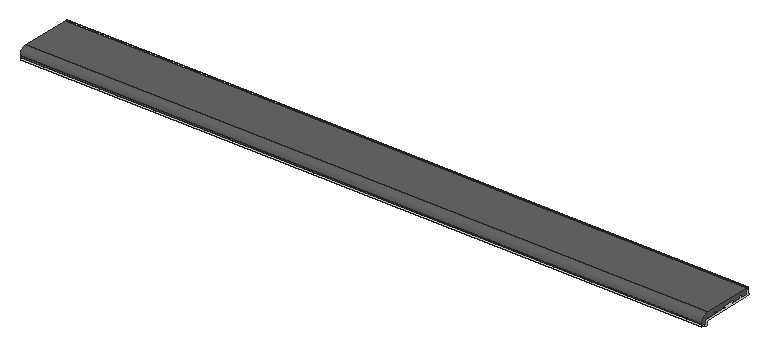
Revit family "Stair_Tread-Wooster-Spectra_Safety_Treads-WP3T", category Specialty Equipment, host Face, Revit 2017
Family settings
  Host = Face
  Round Connector Dimension = Use Diameter
  Part Type = Normal
  OmniClass Number = 23.30.70.21.11.11.11
  OmniClass Title = Stair Nosings
  Cut with Voids When Loaded = No
  Shared = No
  Room Calculation Point = No
Parameters (values of type "WP3T")
  Width [instance] = 0' - 3 1/16"  # constant formula
  Version = "2017 - v2.0a"  # constant formula
  URL = "http://www.wooster-products.com/"
  Support Phone = "(224) 699-9545"  # constant formula
  Support Email = "mailto:support@anguleris.com"
  Safety Tread [instance] = Filler - Wooster - Black - Abrasive Filler
  Product Page URL = "http://www.woosterproducts.com/products/extruded-aluminum/spectra/"
  Product Name = "Spectra Nosings"  # constant formula
  Product Documentation Link = "http://www.woosterproducts.com/spec/WP3T.pdf"
  Model = "WP3T"
  Material = ""
  Manufacturer Phone Number = "1-800-321-4936 or 330-264-2844"  # constant formula
  Manufacturer Fax Number = "330-262-4151"  # constant formula
  Manufacturer Email = "mailto:tim@wooster-products.com"
  Manufacturer Address = "1000 Spruce Street, P.O. BOX 6005, Wooster, OH. 44691"  # constant formula
  Manufacturer = "Wooster Productions Inc"  # constant formula
  Length Constraint [instance] = if(Length > 10' 0", 10' 0", Length)  # 3' - 0"
  Length [instance] = 3' - 0"
  Description = "Anti-Slip Stair Nosing"  # constant formula
  Depth = 0' - 0 3/8"  # constant formula
  Default Elevation = 0' - 0"  # constant formula
  Copyright = "Wooster Products Inc. 2019"  # constant formula
  Construction Type = "Existing Construction"  # constant formula
Values of the unnamed type that differ from the named types
  Support Email = ""
  Product Page URL = "http://www.wooster-products.com/Spectra_Safety_Treads.html"
  Product Documentation Link = "http://wooster-products.com/pub/Specs/WP3T.pdf"
  Manufacturer Email = ""
Reference planes (in)
  plane 1 "Center (Front/Back)": y = 0
  plane 2: z = 0
  plane 3 "Center (Left/Right)": x = 0
  plane 4 "Left": x = -18
  plane 5 "Right": x = 18
  plane 6 "Back": y = 1.53125
  plane 7 "Front": y = -1.53125
  plane 8 "Bottom": z = -0.35938
  plane 9: z = 0.01562
Forms (in)
  Sweep 1, solid, material "Filler - Wooster - Black - Abrasive Filler" <- "Safety Tread"
    path origin (0, 0, 0) x (1, 0, 0) y (0, 1, 0)
      loop
        line (18, 1.53125) -> (-18, 1.53125)
    profile "WP3T Abrasive Filler : WP3T Abrasive Filler" origin (0, 1.53125, 0) x (0, -1, 0) y (0, 0, 1)
      loop
        line (2.6876, 0) -> (0.06522, 0) -> (0.11544, -0.18743) -> (0.08414, -0.30424) -> (0.49412, -0.30424) -> (0.4691, -0.21085) -> (0.5941, -0.21085) -> (0.56908, -0.30424) -> (1.06821, -0.30424) -> (1.04319, -0.21085) -> (1.60416, -0.21085) -> (1.57914, -0.30424) -> (2.08812, -0.30424) -> (2.0631, -0.21085) -> (2.1881, -0.21085) -> (2.16307, -0.30424) -> (2.61757, -0.30424)
        arc (2.61757, -0.30424) -> (2.67905, -0.31418) -> (2.73425, -0.343) r 0.195
        line (2.73425, -0.343) -> (2.74412, -0.30617) -> (2.81059, -0.37263) -> (2.77377, -0.3825)
        arc (2.77377, -0.3825) -> (2.80628, -0.45011) -> (2.81086, -0.525) r 0.195
        line (2.81086, -0.525) -> (3.0626, -0.45755) -> (3.0626, -0.375)
        arc (3.0626, -0.375) -> (2.95276, -0.10983) -> (2.6876, 0) r 0.375
  Sweep 2, void
    path origin (0, 0, 0) x (1, 0, 0) y (0, 1, 0)
      loop
        line (-18, 1.53125) -> (18, 1.53125)
    profile "WP3T Void : WP3T Void" origin (0, 1.53125, 0) x (0, 1, 0) y (0, 0, 1)
      loop
        line (0, 0) -> (-3.0626, 0) -> (-3.0626, -0.52755) -> (-2.7426, -0.61329) -> (-2.7426, -0.49986)
        arc (-2.7426, -0.49986) -> (-2.70598, -0.41147) -> (-2.6176, -0.37485) r 0.125
        line (-2.6176, -0.37485) -> (0, -0.37485) -> (-0.05022, -0.18743) -> (0, 0)
  Sweep 3, solid, material "Metal - Wooster - Extruded Aluminum"
    path origin (0, 0, 0) x (1, 0, 0) y (0, 1, 0)
      loop
        line (-18, 1.53125) -> (18, 1.53125)
    profile "WP3T Aluminum Base : WP3T Aluminum Base" origin (0, 1.53125, 0) x (0, 1, 0) y (0, 0, 1)
      loop
        line (0, 0) -> (-0.06522, 0) -> (-0.11544, -0.18743) -> (-0.08414, -0.30424) -> (-0.49412, -0.30424) -> (-0.4691, -0.21085) -> (-0.5941, -0.21085) -> (-0.56908, -0.30424) -> (-1.06821, -0.30424) -> (-1.04319, -0.21085) -> (-1.60416, -0.21085) -> (-1.57914, -0.30424) -> (-2.08812, -0.30424) -> (-2.0631, -0.21085) -> (-2.1881, -0.21085) -> (-2.16307, -0.30424) -> (-2.61757, -0.30424)
        arc (-2.61757, -0.30424) -> (-2.67905, -0.31418) -> (-2.73425, -0.343) r 0.195
        line (-2.73425, -0.343) -> (-2.74412, -0.30617) -> (-2.81059, -0.37263) -> (-2.77377, -0.3825)
        arc (-2.77377, -0.3825) -> (-2.80628, -0.45011) -> (-2.81086, -0.525) r 0.195
        line (-2.81086, -0.525) -> (-3.0626, -0.45755) -> (-3.0626, -0.52755) -> (-2.7426, -0.61329) -> (-2.7426, -0.49986)
        arc (-2.7426, -0.49986) -> (-2.70598, -0.41147) -> (-2.6176, -0.37485) r 0.125
        line (-2.6176, -0.37485) -> (0, -0.37485) -> (-0.05022, -0.18743) -> (0, 0)
Lines and regions (in)
  Masking region 1
    outline origin (0, 0, 0) x (1, 0, 0) y (0, 1, 0)
      loop
        line (-18, 1.53125) -> (-18, -1.53125) -> (18, -1.53125) -> (18, 1.53125) -> (-18, 1.53125)
Dimensions and locks (in)
  equal spacing: plane 4 "Left", plane 3 "Center (Left/Right)", plane 5 "Right"
  "Length Constraint": plane 4 "Left" to plane 5 "Right"
  equal spacing: plane 7 "Front", plane 1 "Center (Front/Back)", plane 6 "Back"
  "Width": plane 7 "Front" to plane 6 "Back"
  "Depth": plane 9 to plane 8 "Bottom"
  locked: plane 2 to plane 8 "Bottom" at 0.35938
  aligned and locked: plane 2 to host face
  aligned and locked: level to host face
  aligned and locked: plane 6 "Back" to Sweep 1 sketch curve
  aligned and locked: plane 5 "Right" to Sweep 1 sketch curve
  aligned and locked: plane 4 "Left" to Sweep 1 sketch curve
  aligned and locked: Sweep 2 sketch curve to plane 6 "Back"
  aligned and locked: plane 4 "Left" to Sweep 2 sketch curve
  aligned and locked: plane 5 "Right" to Sweep 2 sketch curve
  aligned and locked: Sweep 3 sketch curve to plane 6 "Back"
  aligned and locked: plane 4 "Left" to Sweep 3 sketch curve
  aligned and locked: plane 5 "Right" to Sweep 3 sketch curve
  aligned and locked: Masking region 1 sketch curve to plane 6 "Back"
  aligned and locked: plane 4 "Left" to Masking region 1 sketch curve
  aligned and locked: Masking region 1 sketch curve to plane 7 "Front"
  aligned and locked: plane 5 "Right" to Masking region 1 sketch curve
Automatic sketch dimensions
  host sketch curve to host sketch curve = 8' - 0"
  host sketch curve to host sketch curve = 4' - 0"
